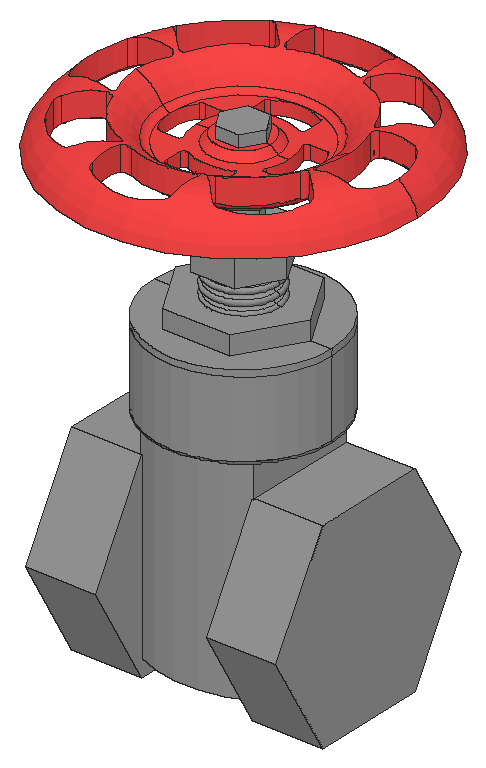
Revit family "707630001_Valvula Compuerta 1-2P", category Pipe Accessories, Revit 2020
Family settings
  Round Connector Dimension = Use Diameter
  Part Type = Valve - Normal
  OmniClass Number = 23.27.31.13.11
  OmniClass Title = Gate Balancing Valves
  Work Plane-Based = No
  Always vertical = Yes
  Cut with Voids When Loaded = No
  Shared = No
Parameters (values of type "Válvula Compuerta 1/2"")
  Válvula Compuerta 3/4" = no
  Válvula Compuerta 1/2" = yes
  Válvula Compuerta 1" = no
  Vida útil = " 5,000 ciclos."  # constant formula
  URL = "https://www.grival.com/soluciones-para-agua/valvulas-de-control/valvulas-de-compuerta/valvula-compuerta-1p/"
  Torque máximo de operación de la manĳa = "125 psi/ Máx 17 N.m: 1 N.m"  # constant formula
  Temperatura de uso = "82ºC - 179,6ºF"  # constant formula
  Rosca de tubería = "Galga de 1/2” 14 NPT GF30866"
  Referencia = "707630001"
  Recubrimientos = "Natural"  # constant formula
  Prueba de seguridad de la manĳa = "Mínimo 5 N.m: 7 N.m"
  Presion minima = "20 psi."  # constant formula
  Presion maxima = "290 psi."  # constant formula
  Peso neto = "185 gr. - 0,40 lb."
  Peso  Bruto = "191 gr. - 0,42 lb."
  Model = "Válvula Compuerta 1/2\""
  Manufacturer = "Grival"  # constant formula
  Longitud = 38.00 mm
  Funcionalidad a presion de trabajo = "225 psi"  # constant formula
  Fecha de creación = "16/03/2021"  # constant formula
  Diámetro = 12.70 mm
  Diametro 2 = 53.00 mm
  Description = "Manĳa que facilita su operación.-Nuevo diseño robusto y resistente.-Válvula para trabajo pesado (145 psi).-Diseñadas y fabricadas para garantizar una larga vida útil."  # constant formula
  Default Elevation = 0.00 mm
  Cuidado Y Limpieza = "Limpiar con un paño húmedo.-No se debe limpiar con elementos abrasivos como esponjas de alambre, ácidos o disolventes."  # constant formula
  Creado por = "BIMBAU"  # constant formula
  Alto = 61.50 mm
Reference planes
  plane 1 "Center (Front/Back)": y = 0
  plane 2: z = 0
  plane 3 "Center (Left/Right)": x = 0
  plane 4: x = -26.5
  plane 5: x = 26.5
  plane 6: z = 61.5
  plane 7: x = -19
  plane 8: x = 19
Forms (mm)
  Extrusion 1, solid, not visible
    sketch origin (0, 0, 0) x (0, 1, 0) y (0, 0, 1)
      loop
        line (30.4, 0) -> (15.2, 26.327) -> (-15.2, 26.327) -> (-30.4, 0) -> (-15.2, -26.327) -> (15.2, -26.327) -> (30.4, 0)
    from -19 to 19
Dimensions and locks
  equal spacing: plane 4, plane 3 "Center (Left/Right)", plane 5
  "Diametro 2": plane 4 to plane 5
  equal spacing: plane 7, plane 3 "Center (Left/Right)", plane 8
  "Longitud": plane 7 to plane 8
  "Alto": plane 6 to level
  aligned and locked: level to plane 2
  aligned and locked: plane 7 to Extrusion 1
  aligned and locked: Extrusion 1 to plane 8
Automatic sketch dimensions
  Extrusion 1 sketch curve to level = 0.00 mm  (x2)
  Extrusion 1 sketch curve to plane 1 "Center (Front/Back)" = 30.40 mm
  Extrusion 1 sketch curve to plane 1 "Center (Front/Back)" = 15.20 mm  (x2)
  Extrusion 1 sketch curve to level = 26.327 mm
  plane 1 "Center (Front/Back)" to Extrusion 1 sketch curve = 15.20 mm  (x2)
  Extrusion 1 sketch curve to Extrusion 1 sketch curve = 15.20 mm
  level to Extrusion 1 sketch curve = 26.327 mm
Nested families
  nested 1: "707650001 _Valvula Compuerta 1P" at (0, 0, 0), visible <- "Válvula Compuerta 1"", type "Válvula Compuerta 1""
  nested 2: "707640001_Valvula Compuerta 3-4P" at (0, 0, 0), visible <- "Válvula Compuerta 3/4"", type "Válvula Compuerta 3/4""
  nested 3: "707630001_Valvula Compuerta 1-2P" at (0, 0, 0), visible <- "Válvula Compuerta 1/2"", type "Válvula Compuerta 1/2""
Connectors
  piping at (22.5, 0, 0), diameter 12.7, driven by "Diámetro"
    settings: on nested 1, index 1, connector inside diameter 609.6 mm, connector length 0.00 mm, flow factor 0, pipe flow 0.0 L/s, pressure drop 0.0 Pa, fitting loss kfactor 0, connector angle 0.00°, fixture units 0, engagement length 0.00 mm, angle of deflection 0.00°, flow configuration 0, flow direction 0, fitting loss method 0, system type 20, joint type 0, gender type 0, connector reference index -1, connector utility 0, adjustable connector no, is connector primary yes, connector description ""
  piping at (-22.5, 0, 0), diameter 12.7, driven by "Diámetro"
    settings: on nested 1, index 2, connector inside diameter 609.6 mm, connector length 0.00 mm, flow factor 0, pipe flow 0.0 L/s, pressure drop 0.0 Pa, fitting loss kfactor 0, connector angle 0.00°, fixture units 0, engagement length 0.00 mm, angle of deflection 0.00°, flow configuration 0, flow direction 0, fitting loss method 0, system type 20, joint type 0, gender type 0, connector reference index -1, connector utility 0, adjustable connector no, is connector primary no, connector description ""
Definition of nested family "707650001 _Valvula Compuerta 1P"
  Parameters (values of type "Válvula Compuerta 1"")
    Material 2 = none
    Material = none
    Longitud = 45.00 mm
    Diametro 2 = 57.50 mm
    Default Elevation = 0.00 mm
    Alto = 75.70 mm
  Reference planes
    plane 1 "Center (Front/Back)": y = 0
    plane 2: z = 0
    plane 3 "Center (Left/Right)": x = 0
    plane 4: z = 75.7
    plane 5: x = -8.5
    plane 6: x = 8.5
    plane 7: x = 28.75
    plane 8: x = -28.75
    plane 9: x = -22.5
    plane 10: x = 22.5
  Forms (mm)
    Extrusion 1, void
      sketch origin (0, 0, 0) x (1, 0, 0) y (0, 1, 0)
        loop
          arc (-4.25, 7.585) -> (-4.017, 7.162) -> (-3.534, 7.134) r 0.5
          arc (-3.534, 7.134) -> (0, 7.935) -> (3.534, 7.134) r 8.2
          arc (3.534, 7.134) -> (4.017, 7.162) -> (4.25, 7.585) r 0.5
          line (4.25, 7.585) -> (4.25, 10.158)
          arc (4.25, 10.158) -> (4.146, 10.552) -> (3.862, 10.844) r 0.8
          arc (3.862, 10.844) -> (0, 11.915) -> (-3.862, 10.844) r 7.5
          arc (-3.862, 10.844) -> (-4.146, 10.552) -> (-4.25, 10.158) r 0.8
          line (-4.25, 10.158) -> (-4.25, 7.585)
        loop
          line (-4.25, -7.585) -> (-4.25, -10.158)
          arc (-4.25, -10.158) -> (-4.146, -10.552) -> (-3.862, -10.844) r 0.8
          arc (-3.862, -10.844) -> (0, -11.915) -> (3.862, -10.844) r 7.5
          arc (3.862, -10.844) -> (4.146, -10.552) -> (4.25, -10.158) r 0.8
          line (4.25, -10.158) -> (4.25, -7.585)
          arc (4.25, -7.585) -> (4.017, -7.162) -> (3.534, -7.134) r 0.5
          arc (3.534, -7.134) -> (0, -7.935) -> (-3.534, -7.134) r 8.2
          arc (-3.534, -7.134) -> (-4.017, -7.162) -> (-4.25, -7.585) r 0.5
        loop
          line (7.585, -4.25) -> (10.158, -4.25)
          arc (10.158, -4.25) -> (10.552, -4.146) -> (10.844, -3.862) r 0.8
          arc (10.844, -3.862) -> (11.915, 0) -> (10.844, 3.862) r 7.5
          arc (10.844, 3.862) -> (10.552, 4.146) -> (10.158, 4.25) r 0.8
          line (10.158, 4.25) -> (7.585, 4.25)
          arc (7.585, 4.25) -> (7.162, 4.017) -> (7.134, 3.534) r 0.5
          arc (7.134, 3.534) -> (7.935, 0) -> (7.134, -3.534) r 8.2
          arc (7.134, -3.534) -> (7.162, -4.017) -> (7.585, -4.25) r 0.5
        loop
          arc (-7.585, -4.25) -> (-7.162, -4.017) -> (-7.134, -3.534) r 0.5
          arc (-7.134, -3.534) -> (-7.935, 0) -> (-7.134, 3.534) r 8.2
          arc (-7.134, 3.534) -> (-7.162, 4.017) -> (-7.585, 4.25) r 0.5
          line (-7.585, 4.25) -> (-10.158, 4.25)
          arc (-10.158, 4.25) -> (-10.552, 4.146) -> (-10.844, 3.862) r 0.8
          arc (-10.844, 3.862) -> (-11.915, 0) -> (-10.844, -3.862) r 7.5
          arc (-10.844, -3.862) -> (-10.552, -4.146) -> (-10.158, -4.25) r 0.8
          line (-10.158, -4.25) -> (-7.585, -4.25)
      from 60.163 to 94.816
    Revolve 2, solid, material <- "Material"
      sketch origin (0, 0, 0) x (1, 0, 0) y (0, 0, 1)
        loop
          line (0, 65.7) -> (-5.25, 65.7) -> (-5.25, 57.7) -> (0, 57.7) -> (0, 65.7)
        axis (0, 65.7) -> (0, 57.7)
      angle from 0 to 360
    Extrusion 3, solid, material <- "Material"
      sketch origin (0, 0, 0) x (1, 0, 0) y (0, 1, 0)
        loop
          line (10.5, 0) -> (5.25, 9.093) -> (-5.25, 9.093) -> (-10.5, 0) -> (-5.25, -9.093) -> (5.25, -9.093) -> (10.5, 0)
      from 53.122 to 57.7
    Extrusion 4, solid, material <- "Material"
      sketch origin (0, 0, 0) x (1, 0, 0) y (0, 1, 0)
        loop
          line (3.5, 0) -> (1.75, 3.031) -> (-1.75, 3.031) -> (-3.5, 0) -> (-1.75, -3.031) -> (1.75, -3.031) -> (3.5, 0)
      from 71.771 to 73.812
    Revolve 5, solid, material <- "Material"
      sketch origin (0, 0, 4) x (1, 0, 0) y (0, 0, 1)
        loop
          line (0, 38.272) -> (0, 40.522) -> (-20.25, 40.522) -> (-20.25, 38.272) -> (0, 38.272)
        axis (0, 38.272) -> (0, 40.522)
      angle from 0 to 360
    Extrusion 6, solid, material <- "Material"
      sketch origin (0, 0, 0) x (1, 0, 0) y (0, 1, 0)
        loop
          arc (-14, -14.235) -> (0, -17.643) -> (14, -14.235) r 30.459
          line (14, -14.235) -> (14, 14.235)
          arc (14, 14.235) -> (0, 17.643) -> (-14, 14.235) r 30.459
          line (-14, 14.235) -> (-14, -14.235)
      from -21.666 to 29.118
    Extrusion 7, solid, material <- "Material"
      sketch origin (0, 0, 33.882) x (1, 0, 0) y (0, 1, 0)
        loop
          line (17, 0) -> (8.5, 14.722) -> (-8.5, 14.722) -> (-17, 0) -> (-8.5, -14.722) -> (8.5, -14.722) -> (17, 0)
      from 10.64 to 13.64
    Extrusion 8, solid, material <- "Material"
      sketch origin (-2.141, 0, 0) x (0, 1, 0) y (0, 0, -1)
        loop
          line (-30.4, 0) -> (-15.2, -26.327) -> (15.2, -26.327) -> (30.4, 0) -> (15.2, 26.327) -> (-15.2, 26.327) -> (-30.4, 0)
      from 8.359 to 20.359
    Extrusion 9, solid, material <- "Material"
      sketch origin (2.141, 0, 0) x (0, 1, 0) y (0, 0, 1)
        loop
          line (-30.4, 0) -> (-15.2, -26.327) -> (15.2, -26.327) -> (30.4, 0) -> (15.2, 26.327) -> (-15.2, 26.327) -> (-30.4, 0)
      from 8.359 to 20.359
    Revolve 10, solid, material <- "Material"
      sketch origin (0, 0, 8.744) x (1, 0, 0) y (0, 0, 1)
        loop
          line (0, 20.374) -> (0, 33.528) -> (-20.25, 33.528) -> (-20.25, 20.874)
          arc (-20.25, 20.874) -> (-20.104, 20.52) -> (-19.75, 20.374) r 0.5
          line (-19.75, 20.374) -> (0, 20.374)
        axis (0, 20.374) -> (0, 33.528)
      angle from 0 to 360
    Revolve 11, solid, material <- "Material 2"
      sketch origin (0, 0, 0) x (1, 0, 0) y (0, 0, 1)
        loop
          arc (-26.221, 69.367) -> (-20.523, 71.659) -> (-14.977, 69.022) r 7.648
          arc (-14.977, 69.022) -> (-14.308, 68.521) -> (-13.491, 68.343) r 1.967
          line (-13.491, 68.343) -> (-7.392, 68.343) -> (-6.4, 67.351) -> (-6.4, 64.775) -> (0, 64.775) -> (0, 71.771) -> (-4.595, 71.771) -> (-5.754, 70.612) -> (-12.233, 70.612)
          arc (-12.233, 70.612) -> (-12.903, 70.797) -> (-13.385, 71.297) r 1.311
          arc (-13.385, 71.297) -> (-21.726, 75.576) -> (-28.75, 69.367) r 8.314
          line (-28.75, 69.367) -> (-26.221, 69.367)
        axis (0, 71.771) -> (0, 64.775)
      angle from 0 to 360
    Revolve 12, solid, material <- "Material"
      sketch origin (0, 0, 3.581) x (1, 0, 0) y (0, 0, 1)
        loop
          line (0, 49.541) -> (-8.75, 49.541)
          arc (-8.75, 49.541) -> (-8.35, 49.141) -> (-8.75, 48.741) r 0.4
          arc (-8.75, 48.741) -> (-9.15, 48.341) -> (-8.75, 47.941) r 0.4
          arc (-8.75, 47.941) -> (-8.35, 47.541) -> (-8.75, 47.141) r 0.4
          arc (-8.75, 47.141) -> (-9.15, 46.741) -> (-8.75, 46.341) r 0.4
          arc (-8.75, 46.341) -> (-8.35, 45.941) -> (-8.75, 45.541) r 0.4
          arc (-8.75, 45.541) -> (-9.15, 45.141) -> (-8.75, 44.741) r 0.4
          arc (-8.75, 44.741) -> (-8.35, 44.341) -> (-8.75, 43.941) r 0.4
          line (-8.75, 43.941) -> (0, 43.941) -> (0, 49.541)
        axis (0, 49.541) -> (0, 43.941)
      angle from 0 to 360
    Extrusion 13, void
      sketch origin (0, 0, 0) x (1, 0, 0) y (0, 1, 0)
        loop
          arc (-6.099, 17.928) -> (-5.764, 17.321) -> (-5.072, 17.28) r 0.718
          arc (-5.072, 17.28) -> (0, 18.43) -> (5.072, 17.28) r 11.767
          arc (5.072, 17.28) -> (5.764, 17.321) -> (6.099, 17.928) r 0.718
          line (6.099, 17.928) -> (6.099, 23.267)
          arc (6.099, 23.267) -> (5.95, 23.833) -> (5.542, 24.252) r 1.148
          arc (5.542, 24.252) -> (0, 25.788) -> (-5.542, 24.252) r 10.763
          arc (-5.542, 24.252) -> (-5.95, 23.833) -> (-6.099, 23.267) r 1.148
          line (-6.099, 23.267) -> (-6.099, 17.928)
        loop
          line (-6.099, -17.928) -> (-6.099, -23.267)
          arc (-6.099, -23.267) -> (-5.95, -23.833) -> (-5.542, -24.252) r 1.148
          arc (-5.542, -24.252) -> (0, -25.788) -> (5.542, -24.252) r 10.763
          arc (5.542, -24.252) -> (5.95, -23.833) -> (6.099, -23.267) r 1.148
          line (6.099, -23.267) -> (6.099, -17.928)
          arc (6.099, -17.928) -> (5.764, -17.321) -> (5.072, -17.28) r 0.718
          arc (5.072, -17.28) -> (0, -18.43) -> (-5.072, -17.28) r 11.767
          arc (-5.072, -17.28) -> (-5.764, -17.321) -> (-6.099, -17.928) r 0.718
        loop
          arc (17.928, 6.099) -> (17.321, 5.764) -> (17.28, 5.072) r 0.718
          arc (17.28, 5.072) -> (18.43, 0) -> (17.28, -5.072) r 11.767
          arc (17.28, -5.072) -> (17.321, -5.764) -> (17.928, -6.099) r 0.718
          line (17.928, -6.099) -> (23.267, -6.099)
          arc (23.267, -6.099) -> (23.833, -5.95) -> (24.252, -5.542) r 1.148
          arc (24.252, -5.542) -> (25.788, 0) -> (24.252, 5.542) r 10.763
          arc (24.252, 5.542) -> (23.833, 5.95) -> (23.267, 6.099) r 1.148
          line (23.267, 6.099) -> (17.928, 6.099)
        loop
          line (-17.928, 6.099) -> (-23.267, 6.099)
          arc (-23.267, 6.099) -> (-23.833, 5.95) -> (-24.252, 5.542) r 1.148
          arc (-24.252, 5.542) -> (-25.788, 0) -> (-24.252, -5.542) r 10.763
          arc (-24.252, -5.542) -> (-23.833, -5.95) -> (-23.267, -6.099) r 1.148
          line (-23.267, -6.099) -> (-17.928, -6.099)
          arc (-17.928, -6.099) -> (-17.321, -5.764) -> (-17.28, -5.072) r 0.718
          arc (-17.28, -5.072) -> (-18.43, 0) -> (-17.28, 5.072) r 11.767
          arc (-17.28, 5.072) -> (-17.321, 5.764) -> (-17.928, 6.099) r 0.718
        loop
          arc (8.364, 16.989) -> (8.172, 16.323) -> (8.632, 15.806) r 0.718
          arc (8.632, 15.806) -> (13.032, 13.032) -> (15.806, 8.632) r 11.767
          arc (15.806, 8.632) -> (16.323, 8.172) -> (16.989, 8.364) r 0.718
          line (16.989, 8.364) -> (20.765, 12.14)
          arc (20.765, 12.14) -> (21.06, 12.645) -> (21.067, 13.23) r 1.148
          arc (21.067, 13.23) -> (18.235, 18.235) -> (13.23, 21.067) r 10.763
          arc (13.23, 21.067) -> (12.645, 21.06) -> (12.14, 20.765) r 1.148
          line (12.14, 20.765) -> (8.364, 16.989)
        loop
          line (-16.989, -8.364) -> (-20.765, -12.14)
          arc (-20.765, -12.14) -> (-21.06, -12.645) -> (-21.067, -13.23) r 1.148
          arc (-21.067, -13.23) -> (-18.235, -18.235) -> (-13.23, -21.067) r 10.763
          arc (-13.23, -21.067) -> (-12.645, -21.06) -> (-12.14, -20.765) r 1.148
          line (-12.14, -20.765) -> (-8.364, -16.989)
          arc (-8.364, -16.989) -> (-8.172, -16.323) -> (-8.632, -15.806) r 0.718
          arc (-8.632, -15.806) -> (-13.032, -13.032) -> (-15.806, -8.632) r 11.767
          arc (-15.806, -8.632) -> (-16.323, -8.172) -> (-16.989, -8.364) r 0.718
        loop
          arc (16.989, -8.364) -> (16.323, -8.172) -> (15.806, -8.632) r 0.718
          arc (15.806, -8.632) -> (13.032, -13.032) -> (8.632, -15.806) r 11.767
          arc (8.632, -15.806) -> (8.172, -16.323) -> (8.364, -16.989) r 0.718
          line (8.364, -16.989) -> (12.14, -20.765)
          arc (12.14, -20.765) -> (12.645, -21.06) -> (13.23, -21.067) r 1.148
          arc (13.23, -21.067) -> (18.235, -18.235) -> (21.067, -13.23) r 10.763
          arc (21.067, -13.23) -> (21.06, -12.645) -> (20.765, -12.14) r 1.148
          line (20.765, -12.14) -> (16.989, -8.364)
        loop
          line (-8.364, 16.989) -> (-12.14, 20.765)
          arc (-12.14, 20.765) -> (-12.645, 21.06) -> (-13.23, 21.067) r 1.148
          arc (-13.23, 21.067) -> (-18.235, 18.235) -> (-21.067, 13.23) r 10.763
          arc (-21.067, 13.23) -> (-21.06, 12.645) -> (-20.765, 12.14) r 1.148
          line (-20.765, 12.14) -> (-16.989, 8.364)
          arc (-16.989, 8.364) -> (-16.323, 8.172) -> (-15.806, 8.632) r 0.718
          arc (-15.806, 8.632) -> (-13.032, 13.032) -> (-8.632, 15.806) r 11.767
          arc (-8.632, 15.806) -> (-8.172, 16.323) -> (-8.364, 16.989) r 0.718
      from 0 to 250
  Cuts and joins
    Extrusion 1, Extrusion 13 cuts Revolve 11
  Dimensions and locks
    "Alto": plane 4 to level
    "Diametro 2": plane 8 to plane 7
    equal spacing: plane 8, plane 3 "Center (Left/Right)", plane 7
    equal spacing: plane 10, plane 3 "Center (Left/Right)", plane 9
    "Longitud": plane 10 to plane 9
    aligned and locked: level to plane 2
  Automatic sketch dimensions
    plane 1 "Center (Front/Back)" to Extrusion 1 sketch curve = 0.00 mm  (x4)
    Extrusion 1 sketch curve to plane 3 "Center (Left/Right)" = 0.00 mm  (x4)
    Extrusion 1 sketch curve to plane 3 "Center (Left/Right)" = 0.265 mm
    Extrusion 1 sketch curve to plane 3 "Center (Left/Right)" = 3.45 mm  (x2)
    Extrusion 1 sketch curve to Extrusion 1 sketch curve = 0.30 mm  (x8)
    Extrusion 1 sketch curve to Extrusion 1 sketch curve = 0.50 mm  (x4)
    Extrusion 1 sketch curve to Extrusion 1 sketch curve = 0.80 mm  (x4)
    plane 5 to Extrusion 1 sketch curve = 4.085 mm
    plane 5 to Extrusion 1 sketch curve = 0.915 mm  (x2)
    Extrusion 1 sketch curve to plane 5 = 1.658 mm  (x2)
    plane 3 "Center (Left/Right)" to Extrusion 1 sketch curve = 0.265 mm
    plane 3 "Center (Left/Right)" to Extrusion 1 sketch curve = 3.45 mm  (x2)
    plane 6 to Extrusion 1 sketch curve = 4.085 mm
    plane 6 to Extrusion 1 sketch curve = 0.915 mm  (x2)
    Extrusion 1 sketch curve to plane 6 = 1.658 mm  (x2)
    plane 1 "Center (Front/Back)" to Extrusion 1 sketch curve = 0.265 mm
    plane 1 "Center (Front/Back)" to Extrusion 1 sketch curve = 3.45 mm  (x2)
    Extrusion 1 sketch curve to Extrusion 1 sketch curve = 4.149 mm  (x2)
    Extrusion 1 sketch curve to Extrusion 1 sketch curve = 3.17 mm  (x3)
    Extrusion 1 sketch curve to Extrusion 1 sketch curve = 3.335 mm
    Extrusion 1 sketch curve to Extrusion 1 sketch curve = 2.573 mm  (x4)
    Extrusion 1 sketch curve to plane 1 "Center (Front/Back)" = 0.265 mm
    Extrusion 1 sketch curve to plane 1 "Center (Front/Back)" = 3.45 mm  (x2)
    Extrusion 1 sketch curve to Extrusion 1 sketch curve = 0.00 mm  (x8)
    Revolve 2 sketch curve to plane 3 "Center (Left/Right)" = 0.00 mm  (x2)
    Revolve 2 sketch curve to Revolve 2 sketch curve = 5.25 mm
    Revolve 2 sketch curve to plane 4 = 18.00 mm
    Revolve 2 sketch curve to Revolve 2 sketch curve = 8.00 mm
    Revolve 2 sketch curve to Revolve 2 sketch curve = 3.50 mm
    Revolve 2 sketch curve to Revolve 2 sketch curve = 0.00 mm
    Revolve 5 sketch curve to plane 3 "Center (Left/Right)" = 0.00 mm  (x2)
    plane 9 to Revolve 5 sketch curve = 2.25 mm
    Revolve 5 sketch curve to plane 4 = 33.428 mm
    Revolve 5 sketch curve to Revolve 5 sketch curve = 2.25 mm
    Revolve 5 sketch curve to Revolve 5 sketch curve = 0.85 mm
    Revolve 5 sketch curve to Revolve 5 sketch curve = 0.40 mm
    Extrusion 6 sketch curve to plane 3 "Center (Left/Right)" = 0.00 mm  (x2)
    Extrusion 6 sketch curve to plane 5 = 5.50 mm
    Extrusion 6 sketch curve to plane 6 = 5.50 mm
    plane 1 "Center (Front/Back)" to Extrusion 6 sketch curve = 14.235 mm
    plane 1 "Center (Front/Back)" to Extrusion 6 sketch curve = 12.816 mm
    Extrusion 6 sketch curve to plane 1 "Center (Front/Back)" = 12.816 mm
    Extrusion 6 sketch curve to Extrusion 6 sketch curve = 1.419 mm
    Extrusion 8 sketch curve to level = 0.00 mm  (x2)
    plane 1 "Center (Front/Back)" to Extrusion 8 sketch curve = 30.40 mm
    plane 1 "Center (Front/Back)" to Extrusion 8 sketch curve = 15.20 mm  (x2)
    Extrusion 8 sketch curve to plane 1 "Center (Front/Back)" = 15.20 mm  (x2)
    Extrusion 8 sketch curve to Extrusion 8 sketch curve = 15.20 mm
    level to Extrusion 8 sketch curve = 26.327 mm
    Extrusion 8 sketch curve to level = 26.327 mm
    Extrusion 9 sketch curve to level = 0.00 mm  (x2)
    plane 1 "Center (Front/Back)" to Extrusion 9 sketch curve = 30.40 mm
    plane 1 "Center (Front/Back)" to Extrusion 9 sketch curve = 15.20 mm  (x2)
    Extrusion 9 sketch curve to plane 1 "Center (Front/Back)" = 15.20 mm  (x2)
    Extrusion 9 sketch curve to Extrusion 9 sketch curve = 15.20 mm
    Extrusion 9 sketch curve to level = 26.327 mm
    level to Extrusion 9 sketch curve = 26.327 mm
    Revolve 10 sketch curve to plane 3 "Center (Left/Right)" = 0.00 mm  (x2)
    plane 9 to Revolve 10 sketch curve = 2.75 mm
    plane 9 to Revolve 10 sketch curve = 2.25 mm
    level to Revolve 10 sketch curve = 29.118 mm
    Revolve 10 sketch curve to Revolve 10 sketch curve = 12.654 mm
    Revolve 10 sketch curve to Revolve 10 sketch curve = 0.02 mm
    Revolve 10 sketch curve to Revolve 10 sketch curve = 5.158 mm
    plane 8 to Revolve 11 sketch curve = 0.00 mm
    Revolve 11 sketch curve to plane 3 "Center (Left/Right)" = 0.00 mm  (x2)
    Revolve 11 sketch curve to plane 8 = 2.529 mm
    plane 9 to Revolve 11 sketch curve = 1.742 mm
    plane 9 to Revolve 11 sketch curve = 1.81 mm
    Revolve 11 sketch curve to plane 5 = 4.991 mm
    Revolve 11 sketch curve to Revolve 11 sketch curve = 1.258 mm
    plane 5 to Revolve 11 sketch curve = 1.108 mm
    plane 5 to Revolve 11 sketch curve = 2.746 mm
    plane 5 to Revolve 11 sketch curve = 2.10 mm
    Revolve 11 sketch curve to Revolve 11 sketch curve = 1.159 mm
    Revolve 11 sketch curve to plane 4 = 11.685 mm
    Revolve 11 sketch curve to plane 4 = 10.925 mm
    Revolve 11 sketch curve to Revolve 11 sketch curve = 2.576 mm
    Revolve 11 sketch curve to Revolve 11 sketch curve = 3.312 mm
    Revolve 11 sketch curve to Revolve 11 sketch curve = 1.016 mm
    Revolve 11 sketch curve to plane 4 = 6.333 mm
    Revolve 11 sketch curve to Revolve 11 sketch curve = 1.967 mm
    Revolve 11 sketch curve to Revolve 11 sketch curve = 2.269 mm
    Revolve 11 sketch curve to plane 4 = 3.929 mm
    Revolve 11 sketch curve to Revolve 11 sketch curve = 1.311 mm
    Revolve 11 sketch curve to Revolve 11 sketch curve = 0.00 mm  (x2)
    plane 1 "Center (Front/Back)" to Extrusion 13 sketch curve = 0.00 mm  (x4)
    Extrusion 13 sketch curve to plane 3 "Center (Left/Right)" = 0.00 mm  (x4)
    plane 5 to Extrusion 13 sketch curve = 3.789 mm  (x2)
    plane 5 to Extrusion 13 sketch curve = 3.549 mm  (x2)
    plane 5 to Extrusion 13 sketch curve = 3.119 mm  (x2)
    Extrusion 13 sketch curve to Extrusion 13 sketch curve = 1.148 mm  (x3)
    Extrusion 13 sketch curve to Extrusion 13 sketch curve = 0.718 mm  (x5)
    plane 5 to Extrusion 13 sketch curve = 1.838 mm
    plane 5 to Extrusion 13 sketch curve = 0.136 mm  (x2)
    Extrusion 13 sketch curve to plane 5 = 0.372 mm  (x2)
    Extrusion 13 sketch curve to plane 5 = 2.125 mm  (x2)
    Extrusion 13 sketch curve to plane 5 = 3.64 mm  (x2)
    Extrusion 13 sketch curve to Extrusion 13 sketch curve = 0.812 mm  (x16)
    Extrusion 13 sketch curve to plane 5 = 6.525 mm
    plane 9 to Extrusion 13 sketch curve = 6.018 mm  (x2)
    Extrusion 13 sketch curve to Extrusion 13 sketch curve = 0.507 mm  (x12)
    Extrusion 13 sketch curve to Extrusion 13 sketch curve = 0.938 mm  (x8)
    plane 9 to Extrusion 13 sketch curve = 2.547 mm  (x2)
    Extrusion 13 sketch curve to plane 9 = 0.767 mm  (x2)
    plane 6 to Extrusion 13 sketch curve = 3.789 mm  (x2)
    plane 6 to Extrusion 13 sketch curve = 3.549 mm  (x2)
    plane 6 to Extrusion 13 sketch curve = 3.119 mm  (x2)
    plane 6 to Extrusion 13 sketch curve = 1.838 mm
    plane 6 to Extrusion 13 sketch curve = 0.136 mm  (x2)
    Extrusion 13 sketch curve to plane 6 = 0.372 mm  (x2)
    Extrusion 13 sketch curve to plane 6 = 2.125 mm  (x2)
    Extrusion 13 sketch curve to plane 6 = 3.64 mm  (x2)
    Extrusion 13 sketch curve to plane 6 = 6.525 mm
    Extrusion 13 sketch curve to plane 10 = 6.018 mm  (x2)
    Extrusion 13 sketch curve to plane 10 = 2.547 mm  (x2)
    plane 10 to Extrusion 13 sketch curve = 0.767 mm  (x2)
    plane 1 "Center (Front/Back)" to Extrusion 13 sketch curve = 4.711 mm  (x2)
    plane 1 "Center (Front/Back)" to Extrusion 13 sketch curve = 4.951 mm  (x2)
    Extrusion 13 sketch curve to Extrusion 13 sketch curve = 0.431 mm  (x4)
    Extrusion 13 sketch curve to Extrusion 13 sketch curve = 1.951 mm  (x2)
    Extrusion 13 sketch curve to Extrusion 13 sketch curve = 2.265 mm  (x4)
    Extrusion 13 sketch curve to Extrusion 13 sketch curve = 1.992 mm  (x4)
    Extrusion 13 sketch curve to Extrusion 13 sketch curve = 3.776 mm  (x4)
    Extrusion 13 sketch curve to Extrusion 13 sketch curve = 8.363 mm  (x2)
    Extrusion 13 sketch curve to Extrusion 13 sketch curve = 5.857 mm  (x4)
    Extrusion 13 sketch curve to Extrusion 13 sketch curve = 3.471 mm  (x4)
    Extrusion 13 sketch curve to Extrusion 13 sketch curve = 5.34 mm  (x4)
    Extrusion 13 sketch curve to plane 1 "Center (Front/Back)" = 4.711 mm  (x2)
    Extrusion 13 sketch curve to plane 1 "Center (Front/Back)" = 4.951 mm  (x2)
    Extrusion 13 sketch curve to Extrusion 13 sketch curve = 0.00 mm  (x16)
    plane 1 "Center (Front/Back)" to Extrusion 7 sketch curve = 0.00 mm  (x2)
    Extrusion 7 sketch curve to plane 5 = 0.00 mm  (x2)
    Extrusion 7 sketch curve to plane 6 = 0.00 mm  (x2)
    plane 9 to Extrusion 7 sketch curve = 5.50 mm
    Extrusion 7 sketch curve to plane 10 = 5.50 mm
    plane 1 "Center (Front/Back)" to Extrusion 7 sketch curve = 14.722 mm
    Extrusion 7 sketch curve to plane 1 "Center (Front/Back)" = 14.722 mm
    Revolve 12 sketch curve to plane 3 "Center (Left/Right)" = 0.00 mm  (x2)
    Revolve 12 sketch curve to plane 5 = 0.25 mm
    Revolve 12 sketch curve to plane 4 = 28.178 mm
    Revolve 12 sketch curve to Revolve 12 sketch curve = 0.40 mm
    Revolve 12 sketch curve to Revolve 12 sketch curve = 0.80 mm  (x6)
    Revolve 12 sketch curve to Revolve 12 sketch curve = 5.60 mm
    Revolve 12 sketch curve to Revolve 12 sketch curve = 0.00 mm  (x8)
    Revolve 12 sketch curve to Revolve 12 sketch curve = 1.262 mm
    plane 1 "Center (Front/Back)" to Extrusion 3 sketch curve = 0.00 mm  (x2)
    Extrusion 3 sketch curve to plane 5 = 2.00 mm
    plane 5 to Extrusion 3 sketch curve = 3.25 mm  (x2)
    plane 6 to Extrusion 3 sketch curve = 3.25 mm  (x2)
    Extrusion 3 sketch curve to plane 6 = 2.00 mm
    plane 1 "Center (Front/Back)" to Extrusion 3 sketch curve = 9.093 mm
    Extrusion 3 sketch curve to plane 1 "Center (Front/Back)" = 9.093 mm
Definition of nested family "707640001_Valvula Compuerta 3-4P"
  Parameters (values of type "Válvula Compuerta 3/4"")
    Material 2 = none
    Material = none
    Longitud = 41.00 mm
    Diametro 2 = 53.00 mm
    Default Elevation = 0.00 mm
    Alto = 69.00 mm
  Reference planes
    plane 1 "Center (Front/Back)": y = 0
    plane 2: z = 0
    plane 3 "Center (Left/Right)": x = 0
    plane 4: z = 69
    plane 5: x = -8.5
    plane 6: x = 8.5
    plane 7: x = 26.5
    plane 8: x = -26.5
    plane 9: x = -20.5
    plane 10: x = 20.5
  Forms (mm)
    Extrusion 1, void
      sketch origin (0, 0, 0) x (1, 0, 0) y (0, 1, 0)
        loop
          arc (-4.25, 6.647) -> (-4.017, 6.224) -> (-3.534, 6.196) r 0.5
          arc (-3.534, 6.196) -> (0, 6.997) -> (3.534, 6.196) r 8.2
          arc (3.534, 6.196) -> (4.017, 6.224) -> (4.25, 6.647) r 0.5
          line (4.25, 6.647) -> (4.25, 9.22)
          arc (4.25, 9.22) -> (4.146, 9.614) -> (3.862, 9.906) r 0.8
          arc (3.862, 9.906) -> (0, 10.977) -> (-3.862, 9.906) r 7.5
          arc (-3.862, 9.906) -> (-4.146, 9.614) -> (-4.25, 9.22) r 0.8
          line (-4.25, 9.22) -> (-4.25, 6.647)
        loop
          line (-4.25, -6.647) -> (-4.25, -9.22)
          arc (-4.25, -9.22) -> (-4.146, -9.614) -> (-3.862, -9.906) r 0.8
          arc (-3.862, -9.906) -> (0, -10.977) -> (3.862, -9.906) r 7.5
          arc (3.862, -9.906) -> (4.146, -9.614) -> (4.25, -9.22) r 0.8
          line (4.25, -9.22) -> (4.25, -6.647)
          arc (4.25, -6.647) -> (4.017, -6.224) -> (3.534, -6.196) r 0.5
          arc (3.534, -6.196) -> (0, -6.997) -> (-3.534, -6.196) r 8.2
          arc (-3.534, -6.196) -> (-4.017, -6.224) -> (-4.25, -6.647) r 0.5
        loop
          line (6.647, -4.25) -> (9.22, -4.25)
          arc (9.22, -4.25) -> (9.614, -4.146) -> (9.906, -3.862) r 0.8
          arc (9.906, -3.862) -> (10.977, 0) -> (9.906, 3.862) r 7.5
          arc (9.906, 3.862) -> (9.614, 4.146) -> (9.22, 4.25) r 0.8
          line (9.22, 4.25) -> (6.647, 4.25)
          arc (6.647, 4.25) -> (6.224, 4.017) -> (6.196, 3.534) r 0.5
          arc (6.196, 3.534) -> (6.997, 0) -> (6.196, -3.534) r 8.2
          arc (6.196, -3.534) -> (6.224, -4.017) -> (6.647, -4.25) r 0.5
        loop
          arc (-6.647, -4.25) -> (-6.224, -4.017) -> (-6.196, -3.534) r 0.5
          arc (-6.196, -3.534) -> (-6.997, 0) -> (-6.196, 3.534) r 8.2
          arc (-6.196, 3.534) -> (-6.224, 4.017) -> (-6.647, 4.25) r 0.5
          line (-6.647, 4.25) -> (-9.22, 4.25)
          arc (-9.22, 4.25) -> (-9.614, 4.146) -> (-9.906, 3.862) r 0.8
          arc (-9.906, 3.862) -> (-10.977, 0) -> (-9.906, -3.862) r 7.5
          arc (-9.906, -3.862) -> (-9.614, -4.146) -> (-9.22, -4.25) r 0.8
          line (-9.22, -4.25) -> (-6.647, -4.25)
      from 45.326 to 70.274
    Revolve 2, solid, material <- "Material"
      sketch origin (0, 0, 0) x (1, 0, 0) y (0, 0, 1)
        loop
          line (0, 59) -> (-4.406, 59) -> (-4.406, 51) -> (0, 51) -> (0, 59)
        axis (0, 59) -> (0, 51)
      angle from 0 to 360
    Revolve 3, solid, material <- "Material"
      sketch origin (0, 0, 2.5) x (1, 0, 0) y (0, 0, 1)
        loop
          line (0, 20.394) -> (0, 33.528) -> (-15.063, 33.528) -> (-15.063, 20.894)
          arc (-15.063, 20.894) -> (-14.916, 20.54) -> (-14.563, 20.394) r 0.5
          line (-14.563, 20.394) -> (0, 20.394)
        axis (0, 20.394) -> (0, 33.528)
      angle from 0 to 360
    Extrusion 4, solid, material <- "Material"
      sketch origin (0, 0, 0) x (1, 0, 0) y (0, 1, 0)
        loop
          line (8.383, 0) -> (4.192, 7.26) -> (-4.192, 7.26) -> (-8.383, 0) -> (-4.192, -7.26) -> (4.192, -7.26) -> (8.383, 0)
      from 46.478 to 51
    Extrusion 5, solid, material <- "Material"
      sketch origin (0, 0, 0) x (1, 0, 0) y (0, 1, 0)
        loop
          line (3.5, 0) -> (1.75, 3.031) -> (-1.75, 3.031) -> (-3.5, 0) -> (-1.75, -3.031) -> (1.75, -3.031) -> (3.5, 0)
      from 65.404 to 66.904
    Revolve 6, solid, material <- "Material"
      sketch origin (0, 0, 4) x (1, 0, 0) y (0, 0, 1)
        loop
          line (0, 32.028) -> (0, 33.878) -> (-15.062, 33.878) -> (-15.062, 32.028) -> (0, 32.028)
        axis (0, 32.028) -> (0, 33.878)
      angle from 0 to 360
    Extrusion 7, solid, material <- "Material"
      sketch origin (0, 0, 0) x (1, 0, 0) y (0, 1, 0)
        loop
          arc (-10.25, -10.422) -> (0, -12.917) -> (10.25, -10.422) r 22.3
          line (10.25, -10.422) -> (10.25, 10.422)
          arc (10.25, 10.422) -> (0, 12.917) -> (-10.25, 10.422) r 22.3
          line (-10.25, 10.422) -> (-10.25, -10.422)
      from -12.447 to 25
    Extrusion 8, solid, material <- "Material"
      sketch origin (-1.141, 0, 0) x (0, 1, 0) y (0, 0, -1)
        loop
          line (-24.05, 0) -> (-12.025, -20.828) -> (12.025, -20.828) -> (24.05, 0) -> (12.025, 20.828) -> (-12.025, 20.828) -> (-24.05, 0)
      from 8.359 to 19.359
    Extrusion 9, solid, material <- "Material"
      sketch origin (1.141, 0, 0) x (0, 1, 0) y (0, 0, 1)
        loop
          line (-24.05, 0) -> (-12.025, -20.828) -> (12.025, -20.828) -> (24.05, 0) -> (12.025, 20.828) -> (-12.025, 20.828) -> (-24.05, 0)
      from 8.359 to 19.359
    Revolve 10, solid, material <- "Material 2"
      sketch origin (0, 0, 0) x (1, 0, 0) y (0, 0, 1)
        loop
          line (0, 59) -> (0, 65.404) -> (-4.206, 65.404) -> (-5.266, 64.343) -> (-11.197, 64.343)
          arc (-11.197, 64.343) -> (-11.811, 64.512) -> (-12.252, 64.97) r 1.2
          arc (-12.252, 64.97) -> (-19.978, 68.941) -> (-26.5, 63.204) r 7.713
          line (-26.5, 63.204) -> (-24, 63.204)
          arc (-24, 63.204) -> (-18.785, 65.301) -> (-13.709, 62.888) r 7
          arc (-13.709, 62.888) -> (-13.096, 62.429) -> (-12.348, 62.266) r 1.8
          line (-12.348, 62.266) -> (-6.766, 62.266) -> (-5, 60.5) -> (-5, 59) -> (0, 59)
        axis (0, 65.404) -> (0, 59)
      angle from 0 to 360
    Extrusion 11, void
      sketch origin (0, 0, 0) x (1, 0, 0) y (0, 1, 0)
        loop
          arc (-6.099, 15.74) -> (-5.764, 15.133) -> (-5.072, 15.093) r 0.718
          arc (-5.072, 15.093) -> (0, 16.242) -> (5.072, 15.093) r 11.767
          arc (5.072, 15.093) -> (5.764, 15.133) -> (6.099, 15.74) r 0.718
          line (6.099, 15.74) -> (6.099, 21.08)
          arc (6.099, 21.08) -> (5.95, 21.645) -> (5.542, 22.064) r 1.148
          arc (5.542, 22.064) -> (0, 23.601) -> (-5.542, 22.064) r 10.763
          arc (-5.542, 22.064) -> (-5.95, 21.645) -> (-6.099, 21.08) r 1.148
          line (-6.099, 21.08) -> (-6.099, 15.74)
        loop
          arc (6.817, 15.443) -> (6.625, 14.777) -> (7.086, 14.259) r 0.718
          arc (7.086, 14.259) -> (11.485, 11.485) -> (14.259, 7.086) r 11.767
          arc (14.259, 7.086) -> (14.777, 6.625) -> (15.443, 6.817) r 0.718
          line (15.443, 6.817) -> (19.218, 10.593)
          arc (19.218, 10.593) -> (19.513, 11.098) -> (19.52, 11.683) r 1.148
          arc (19.52, 11.683) -> (16.688, 16.688) -> (11.683, 19.52) r 10.763
          arc (11.683, 19.52) -> (11.098, 19.513) -> (10.593, 19.218) r 1.148
          line (10.593, 19.218) -> (6.817, 15.443)
        loop
          arc (15.74, 6.099) -> (15.133, 5.764) -> (15.093, 5.072) r 0.718
          arc (15.093, 5.072) -> (16.242, 0) -> (15.093, -5.072) r 11.767
          arc (15.093, -5.072) -> (15.133, -5.764) -> (15.74, -6.099) r 0.718
          line (15.74, -6.099) -> (21.08, -6.099)
          arc (21.08, -6.099) -> (21.645, -5.95) -> (22.064, -5.542) r 1.148
          arc (22.064, -5.542) -> (23.601, 0) -> (22.064, 5.542) r 10.763
          arc (22.064, 5.542) -> (21.645, 5.95) -> (21.08, 6.099) r 1.148
          line (21.08, 6.099) -> (15.74, 6.099)
        loop
          line (-6.817, 15.443) -> (-10.593, 19.218)
          arc (-10.593, 19.218) -> (-11.098, 19.513) -> (-11.683, 19.52) r 1.148
          arc (-11.683, 19.52) -> (-16.688, 16.688) -> (-19.52, 11.683) r 10.763
          arc (-19.52, 11.683) -> (-19.513, 11.098) -> (-19.218, 10.593) r 1.148
          line (-19.218, 10.593) -> (-15.443, 6.817)
          arc (-15.443, 6.817) -> (-14.777, 6.625) -> (-14.259, 7.086) r 0.718
          arc (-14.259, 7.086) -> (-11.485, 11.485) -> (-7.086, 14.259) r 11.767
          arc (-7.086, 14.259) -> (-6.625, 14.777) -> (-6.817, 15.443) r 0.718
        loop
          line (-15.74, 6.099) -> (-21.08, 6.099)
          arc (-21.08, 6.099) -> (-21.645, 5.95) -> (-22.064, 5.542) r 1.148
          arc (-22.064, 5.542) -> (-23.601, 0) -> (-22.064, -5.542) r 10.763
          arc (-22.064, -5.542) -> (-21.645, -5.95) -> (-21.08, -6.099) r 1.148
          line (-21.08, -6.099) -> (-15.74, -6.099)
          arc (-15.74, -6.099) -> (-15.133, -5.764) -> (-15.093, -5.072) r 0.718
          arc (-15.093, -5.072) -> (-16.242, 0) -> (-15.093, 5.072) r 11.767
          arc (-15.093, 5.072) -> (-15.133, 5.764) -> (-15.74, 6.099) r 0.718
        loop
          line (-6.099, -15.74) -> (-6.099, -21.08)
          arc (-6.099, -21.08) -> (-5.95, -21.645) -> (-5.542, -22.064) r 1.148
          arc (-5.542, -22.064) -> (0, -23.601) -> (5.542, -22.064) r 10.763
          arc (5.542, -22.064) -> (5.95, -21.645) -> (6.099, -21.08) r 1.148
          line (6.099, -21.08) -> (6.099, -15.74)
          arc (6.099, -15.74) -> (5.764, -15.133) -> (5.072, -15.093) r 0.718
          arc (5.072, -15.093) -> (0, -16.242) -> (-5.072, -15.093) r 11.767
          arc (-5.072, -15.093) -> (-5.764, -15.133) -> (-6.099, -15.74) r 0.718
        loop
          line (6.817, -15.443) -> (10.593, -19.218)
          arc (10.593, -19.218) -> (11.098, -19.513) -> (11.683, -19.52) r 1.148
          arc (11.683, -19.52) -> (16.688, -16.688) -> (19.52, -11.683) r 10.763
          arc (19.52, -11.683) -> (19.513, -11.098) -> (19.218, -10.593) r 1.148
          line (19.218, -10.593) -> (15.443, -6.817)
          arc (15.443, -6.817) -> (14.777, -6.625) -> (14.259, -7.086) r 0.718
          arc (14.259, -7.086) -> (11.485, -11.485) -> (7.086, -14.259) r 11.767
          arc (7.086, -14.259) -> (6.625, -14.777) -> (6.817, -15.443) r 0.718
        loop
          arc (-6.817, -15.443) -> (-6.625, -14.777) -> (-7.086, -14.259) r 0.718
          arc (-7.086, -14.259) -> (-11.485, -11.485) -> (-14.259, -7.086) r 11.767
          arc (-14.259, -7.086) -> (-14.777, -6.625) -> (-15.443, -6.817) r 0.718
          line (-15.443, -6.817) -> (-19.218, -10.593)
          arc (-19.218, -10.593) -> (-19.513, -11.098) -> (-19.52, -11.683) r 1.148
          arc (-19.52, -11.683) -> (-16.688, -16.688) -> (-11.683, -19.52) r 10.763
          arc (-11.683, -19.52) -> (-11.098, -19.513) -> (-10.593, -19.218) r 1.148
          line (-10.593, -19.218) -> (-6.817, -15.443)
      from 34.894 to 250
    Revolve 12, solid, material <- "Material"
      sketch origin (0, 0, 3.637) x (1, 0, 0) y (0, 0, 1)
        loop
          line (0, 42.841) -> (-6.673, 42.841)
          arc (-6.673, 42.841) -> (-6.273, 42.441) -> (-6.673, 42.041) r 0.4
          arc (-6.673, 42.041) -> (-7.073, 41.641) -> (-6.673, 41.241) r 0.4
          arc (-6.673, 41.241) -> (-6.273, 40.841) -> (-6.673, 40.441) r 0.4
          arc (-6.673, 40.441) -> (-7.073, 40.041) -> (-6.673, 39.641) r 0.4
          arc (-6.673, 39.641) -> (-6.273, 39.241) -> (-6.673, 38.841) r 0.4
          arc (-6.673, 38.841) -> (-7.073, 38.441) -> (-6.673, 38.041) r 0.4
          arc (-6.673, 38.041) -> (-6.273, 37.641) -> (-6.673, 37.241) r 0.4
          line (-6.673, 37.241) -> (0, 37.241) -> (0, 42.841)
        axis (0, 42.841) -> (0, 37.241)
      angle from 0 to 360
    Extrusion 13, solid, material <- "Material"
      sketch origin (0, 0, 33.882) x (1, 0, 0) y (0, 1, 0)
        loop
          line (12.5, 0) -> (6.25, 10.825) -> (-6.25, 10.825) -> (-12.5, 0) -> (-6.25, -10.825) -> (6.25, -10.825) -> (12.5, 0)
      from 3.996 to 6.996
  Cuts and joins
    Extrusion 1, Extrusion 11 cuts Revolve 10
  Dimensions and locks
    "Alto": plane 4 to level
    "Diametro 2": plane 8 to plane 7
    equal spacing: plane 8, plane 3 "Center (Left/Right)", plane 7
    equal spacing: plane 10, plane 3 "Center (Left/Right)", plane 9
    "Longitud": plane 10 to plane 9
    aligned and locked: level to plane 2
  Automatic sketch dimensions
    plane 1 "Center (Front/Back)" to Extrusion 1 sketch curve = 0.00 mm  (x4)
    Extrusion 1 sketch curve to plane 3 "Center (Left/Right)" = 0.00 mm  (x4)
    Extrusion 1 sketch curve to plane 3 "Center (Left/Right)" = 1.203 mm
    Extrusion 1 sketch curve to plane 3 "Center (Left/Right)" = 3.45 mm  (x2)
    Extrusion 1 sketch curve to Extrusion 1 sketch curve = 2.274 mm  (x4)
    Extrusion 1 sketch curve to Extrusion 1 sketch curve = 0.30 mm  (x8)
    Extrusion 1 sketch curve to Extrusion 1 sketch curve = 0.50 mm  (x3)
    Extrusion 1 sketch curve to Extrusion 1 sketch curve = 0.80 mm  (x5)
    plane 5 to Extrusion 1 sketch curve = 1.853 mm  (x2)
    Extrusion 1 sketch curve to plane 5 = 0.72 mm  (x2)
    plane 3 "Center (Left/Right)" to Extrusion 1 sketch curve = 1.203 mm
    plane 3 "Center (Left/Right)" to Extrusion 1 sketch curve = 3.45 mm  (x2)
    plane 6 to Extrusion 1 sketch curve = 1.853 mm  (x2)
    Extrusion 1 sketch curve to plane 6 = 0.72 mm  (x2)
    plane 1 "Center (Front/Back)" to Extrusion 1 sketch curve = 1.203 mm
    plane 1 "Center (Front/Back)" to Extrusion 1 sketch curve = 3.45 mm  (x2)
    Extrusion 1 sketch curve to Extrusion 1 sketch curve = 2.397 mm  (x4)
    Extrusion 1 sketch curve to Extrusion 1 sketch curve = 2.573 mm  (x4)
    Extrusion 1 sketch curve to plane 1 "Center (Front/Back)" = 1.203 mm
    Extrusion 1 sketch curve to plane 1 "Center (Front/Back)" = 3.45 mm  (x2)
    Extrusion 1 sketch curve to Extrusion 1 sketch curve = 0.00 mm  (x8)
    Revolve 2 sketch curve to plane 3 "Center (Left/Right)" = 0.00 mm  (x2)
    Revolve 2 sketch curve to Revolve 2 sketch curve = 4.406 mm
    Revolve 2 sketch curve to plane 4 = 18.00 mm
    Revolve 2 sketch curve to Revolve 2 sketch curve = 8.00 mm
    Revolve 2 sketch curve to Revolve 2 sketch curve = 3.50 mm
    Revolve 2 sketch curve to Revolve 2 sketch curve = 0.00 mm
    Revolve 3 sketch curve to plane 3 "Center (Left/Right)" = 0.00 mm  (x2)
    plane 9 to Revolve 3 sketch curve = 5.937 mm
    plane 9 to Revolve 3 sketch curve = 5.437 mm
    level to Revolve 3 sketch curve = 22.894 mm
    Revolve 3 sketch curve to Revolve 3 sketch curve = 12.634 mm
    Revolve 3 sketch curve to Revolve 3 sketch curve = 0.00 mm
    Revolve 3 sketch curve to Revolve 3 sketch curve = 5.158 mm
    Extrusion 7 sketch curve to plane 3 "Center (Left/Right)" = 0.00 mm  (x2)
    Extrusion 7 sketch curve to plane 5 = 1.75 mm
    Extrusion 7 sketch curve to plane 6 = 1.75 mm
    plane 1 "Center (Front/Back)" to Extrusion 7 sketch curve = 10.422 mm
    plane 1 "Center (Front/Back)" to Extrusion 7 sketch curve = 9.383 mm
    Extrusion 7 sketch curve to plane 1 "Center (Front/Back)" = 9.383 mm
    Extrusion 7 sketch curve to Extrusion 7 sketch curve = 1.039 mm
    Extrusion 8 sketch curve to level = 0.00 mm  (x2)
    plane 1 "Center (Front/Back)" to Extrusion 8 sketch curve = 24.05 mm
    plane 1 "Center (Front/Back)" to Extrusion 8 sketch curve = 12.025 mm  (x2)
    Extrusion 8 sketch curve to plane 1 "Center (Front/Back)" = 12.025 mm  (x2)
    Extrusion 8 sketch curve to Extrusion 8 sketch curve = 12.025 mm
    level to Extrusion 8 sketch curve = 20.828 mm
    Extrusion 8 sketch curve to level = 20.828 mm
    Extrusion 9 sketch curve to level = 0.00 mm  (x2)
    plane 1 "Center (Front/Back)" to Extrusion 9 sketch curve = 24.05 mm
    plane 1 "Center (Front/Back)" to Extrusion 9 sketch curve = 12.025 mm  (x2)
    Extrusion 9 sketch curve to plane 1 "Center (Front/Back)" = 12.025 mm  (x2)
    Extrusion 9 sketch curve to Extrusion 9 sketch curve = 12.025 mm
    Extrusion 9 sketch curve to level = 20.828 mm
    level to Extrusion 9 sketch curve = 20.828 mm
    plane 8 to Revolve 10 sketch curve = 0.00 mm
    Revolve 10 sketch curve to plane 3 "Center (Left/Right)" = 0.00 mm  (x2)
    Revolve 10 sketch curve to Revolve 10 sketch curve = 2.50 mm
    plane 9 to Revolve 10 sketch curve = 1.471 mm
    plane 9 to Revolve 10 sketch curve = 1.50 mm
    Revolve 10 sketch curve to plane 5 = 3.848 mm
    Revolve 10 sketch curve to Revolve 10 sketch curve = 1.151 mm
    plane 5 to Revolve 10 sketch curve = 1.734 mm
    Revolve 10 sketch curve to Revolve 10 sketch curve = 1.50 mm  (x2)
    Revolve 10 sketch curve to Revolve 10 sketch curve = 1.766 mm  (x2)
    Revolve 10 sketch curve to Revolve 10 sketch curve = 1.061 mm
    Revolve 10 sketch curve to plane 4 = 10.695 mm
    Revolve 10 sketch curve to plane 4 = 10.00 mm
    Revolve 10 sketch curve to Revolve 10 sketch curve = 2.982 mm
    Revolve 10 sketch curve to Revolve 10 sketch curve = 1.917 mm
    Revolve 10 sketch curve to Revolve 10 sketch curve = 1.80 mm
    Revolve 10 sketch curve to Revolve 10 sketch curve = 2.077 mm
    Revolve 10 sketch curve to plane 4 = 3.596 mm
    Revolve 10 sketch curve to Revolve 10 sketch curve = 1.20 mm
    Revolve 10 sketch curve to Revolve 10 sketch curve = 0.00 mm  (x2)
    plane 1 "Center (Front/Back)" to Extrusion 11 sketch curve = 0.00 mm  (x4)
    Extrusion 11 sketch curve to plane 3 "Center (Left/Right)" = 0.00 mm  (x4)
    Extrusion 11 sketch curve to plane 3 "Center (Left/Right)" = 3.164 mm  (x2)
    Extrusion 11 sketch curve to Extrusion 11 sketch curve = 1.311 mm  (x4)
    plane 5 to Extrusion 11 sketch curve = 3.549 mm  (x2)
    plane 5 to Extrusion 11 sketch curve = 3.119 mm  (x2)
    Extrusion 11 sketch curve to Extrusion 11 sketch curve = 0.718 mm  (x4)
    Extrusion 11 sketch curve to Extrusion 11 sketch curve = 1.148 mm  (x4)
    Extrusion 11 sketch curve to Extrusion 11 sketch curve = 0.719 mm  (x8)
    Extrusion 11 sketch curve to Extrusion 11 sketch curve = 0.507 mm  (x16)
    Extrusion 11 sketch curve to plane 5 = 0.578 mm  (x2)
    Extrusion 11 sketch curve to plane 5 = 2.093 mm  (x2)
    Extrusion 11 sketch curve to Extrusion 11 sketch curve = 0.812 mm  (x16)
    Extrusion 11 sketch curve to plane 5 = 4.338 mm
    plane 9 to Extrusion 11 sketch curve = 5.565 mm  (x2)
    Extrusion 11 sketch curve to Extrusion 11 sketch curve = 0.298 mm  (x8)
    plane 9 to Extrusion 11 sketch curve = 2.093 mm  (x2)
    Extrusion 11 sketch curve to plane 9 = 0.58 mm  (x2)
    plane 3 "Center (Left/Right)" to Extrusion 11 sketch curve = 3.164 mm  (x2)
    plane 6 to Extrusion 11 sketch curve = 3.549 mm  (x2)
    plane 6 to Extrusion 11 sketch curve = 3.119 mm  (x2)
    Extrusion 11 sketch curve to plane 6 = 0.578 mm  (x2)
    Extrusion 11 sketch curve to plane 6 = 2.093 mm  (x2)
    Extrusion 11 sketch curve to plane 6 = 4.338 mm
    Extrusion 11 sketch curve to plane 10 = 5.565 mm  (x2)
    Extrusion 11 sketch curve to plane 10 = 2.093 mm  (x2)
    plane 10 to Extrusion 11 sketch curve = 0.58 mm  (x2)
    plane 1 "Center (Front/Back)" to Extrusion 11 sketch curve = 3.164 mm  (x2)
    plane 1 "Center (Front/Back)" to Extrusion 11 sketch curve = 4.951 mm  (x2)
    Extrusion 11 sketch curve to Extrusion 11 sketch curve = 0.431 mm  (x4)
    Extrusion 11 sketch curve to Extrusion 11 sketch curve = 1.992 mm  (x4)
    Extrusion 11 sketch curve to Extrusion 11 sketch curve = 4.494 mm  (x4)
    Extrusion 11 sketch curve to Extrusion 11 sketch curve = 8.363 mm  (x2)
    Extrusion 11 sketch curve to Extrusion 11 sketch curve = 5.857 mm  (x4)
    Extrusion 11 sketch curve to Extrusion 11 sketch curve = 3.471 mm  (x4)
    Extrusion 11 sketch curve to Extrusion 11 sketch curve = 1.862 mm  (x2)
    Extrusion 11 sketch curve to plane 1 "Center (Front/Back)" = 3.164 mm  (x2)
    Extrusion 11 sketch curve to plane 1 "Center (Front/Back)" = 4.951 mm  (x2)
    Extrusion 11 sketch curve to Extrusion 11 sketch curve = 5.34 mm  (x2)
    Extrusion 11 sketch curve to Extrusion 11 sketch curve = 0.00 mm  (x16)
    Revolve 6 sketch curve to plane 3 "Center (Left/Right)" = 0.00 mm  (x2)
    plane 9 to Revolve 6 sketch curve = 5.437 mm
    Revolve 6 sketch curve to plane 4 = 32.972 mm
    Revolve 6 sketch curve to Revolve 6 sketch curve = 1.85 mm
    Revolve 6 sketch curve to Revolve 6 sketch curve = 0.85 mm
    Revolve 6 sketch curve to Revolve 6 sketch curve = 0.00 mm
    plane 1 "Center (Front/Back)" to Extrusion 13 sketch curve = 0.00 mm  (x2)
    Extrusion 13 sketch curve to plane 5 = 4.00 mm
    plane 5 to Extrusion 13 sketch curve = 2.25 mm  (x2)
    plane 6 to Extrusion 13 sketch curve = 2.25 mm  (x2)
    Extrusion 13 sketch curve to plane 6 = 4.00 mm
    plane 1 "Center (Front/Back)" to Extrusion 13 sketch curve = 10.825 mm
    Extrusion 13 sketch curve to plane 1 "Center (Front/Back)" = 10.825 mm
    Revolve 12 sketch curve to plane 3 "Center (Left/Right)" = 0.00 mm  (x2)
    plane 5 to Revolve 12 sketch curve = 1.827 mm
    Revolve 12 sketch curve to plane 4 = 28.122 mm
    Revolve 12 sketch curve to Revolve 12 sketch curve = 0.40 mm
    Revolve 12 sketch curve to Revolve 12 sketch curve = 0.80 mm  (x6)
    Revolve 12 sketch curve to Revolve 12 sketch curve = 5.60 mm
    Revolve 12 sketch curve to Revolve 12 sketch curve = 0.00 mm  (x8)
    Revolve 12 sketch curve to Revolve 12 sketch curve = 1.262 mm
    plane 1 "Center (Front/Back)" to Extrusion 4 sketch curve = 0.00 mm  (x2)
    plane 5 to Extrusion 4 sketch curve = 0.117 mm
    Extrusion 4 sketch curve to plane 3 "Center (Left/Right)" = 4.192 mm  (x2)
    plane 3 "Center (Left/Right)" to Extrusion 4 sketch curve = 4.192 mm  (x2)
    plane 6 to Extrusion 4 sketch curve = 0.117 mm
    plane 1 "Center (Front/Back)" to Extrusion 4 sketch curve = 7.26 mm
    Extrusion 4 sketch curve to plane 1 "Center (Front/Back)" = 7.26 mm
Definition of nested family "707630001_Valvula Compuerta 1-2P"
  Parameters (values of type "Válvula Compuerta 1/2"")
    Material 2 = none
    Material = none
    Longitud = 38.00 mm
    Diametro 2 = 53.00 mm
    Default Elevation = 0.00 mm
    Alto = 61.50 mm
  Reference planes
    plane 1 "Center (Front/Back)": y = 0
    plane 2: z = 0
    plane 3 "Center (Left/Right)": x = 0
    plane 4: x = -19
    plane 5: x = 19
    plane 6: z = 61.5
    plane 7: x = -8.5
    plane 8: x = 8.5
    plane 9: x = 26.5
    plane 10: x = -26.5
  Forms (mm)
    Extrusion 1, solid, material <- "Material"
      sketch origin (0, 0, 0) x (0, 1, 0) y (0, 0, 1)
        loop
          line (-17.5, 0) -> (-8.75, -15.155) -> (8.75, -15.155) -> (17.5, 0) -> (8.75, 15.155) -> (-8.75, 15.155) -> (-17.5, 0)
      from 8.405 to 19
    Extrusion 2, solid, material <- "Material"
      sketch origin (0, 0, 0) x (0, 1, 0) y (0, 0, -1)
        loop
          line (-17.5, 0) -> (-8.75, -15.155) -> (8.75, -15.155) -> (17.5, 0) -> (8.75, 15.155) -> (-8.75, 15.155) -> (-17.5, 0)
      from 8.359 to 19
    Revolve 3, solid, material <- "Material 2"
      sketch origin (0, 0, 0) x (1, 0, 0) y (0, 0, 1)
        loop
          line (0, 51.5) -> (0, 57.904) -> (-4.206, 57.904) -> (-5.266, 56.843) -> (-11.197, 56.843)
          arc (-11.197, 56.843) -> (-11.811, 57.012) -> (-12.252, 57.47) r 1.2
          arc (-12.252, 57.47) -> (-19.978, 61.441) -> (-26.5, 55.704) r 7.713
          line (-26.5, 55.704) -> (-24, 55.704)
          arc (-24, 55.704) -> (-18.785, 57.801) -> (-13.709, 55.388) r 7
          arc (-13.709, 55.388) -> (-13.096, 54.929) -> (-12.348, 54.766) r 1.8
          line (-12.348, 54.766) -> (-6.766, 54.766) -> (-5, 53) -> (-5, 51.5) -> (0, 51.5)
        axis (0, 57.904) -> (0, 51.5)
      angle from 0 to 360
    Extrusion 4, void
      sketch origin (0, 0, 0) x (1, 0, 0) y (0, 1, 0)
        loop
          arc (-4.25, 6.647) -> (-4.017, 6.224) -> (-3.534, 6.196) r 0.5
          arc (-3.534, 6.196) -> (0, 6.997) -> (3.534, 6.196) r 8.2
          arc (3.534, 6.196) -> (4.017, 6.224) -> (4.25, 6.647) r 0.5
          line (4.25, 6.647) -> (4.25, 9.22)
          arc (4.25, 9.22) -> (4.146, 9.614) -> (3.862, 9.906) r 0.8
          arc (3.862, 9.906) -> (0, 10.977) -> (-3.862, 9.906) r 7.5
          arc (-3.862, 9.906) -> (-4.146, 9.614) -> (-4.25, 9.22) r 0.8
          line (-4.25, 9.22) -> (-4.25, 6.647)
        loop
          line (-4.25, -6.647) -> (-4.25, -9.22)
          arc (-4.25, -9.22) -> (-4.146, -9.614) -> (-3.862, -9.906) r 0.8
          arc (-3.862, -9.906) -> (0, -10.977) -> (3.862, -9.906) r 7.5
          arc (3.862, -9.906) -> (4.146, -9.614) -> (4.25, -9.22) r 0.8
          line (4.25, -9.22) -> (4.25, -6.647)
          arc (4.25, -6.647) -> (4.017, -6.224) -> (3.534, -6.196) r 0.5
          arc (3.534, -6.196) -> (0, -6.997) -> (-3.534, -6.196) r 8.2
          arc (-3.534, -6.196) -> (-4.017, -6.224) -> (-4.25, -6.647) r 0.5
        loop
          line (6.647, -4.25) -> (9.22, -4.25)
          arc (9.22, -4.25) -> (9.614, -4.146) -> (9.906, -3.862) r 0.8
          arc (9.906, -3.862) -> (10.977, 0) -> (9.906, 3.862) r 7.5
          arc (9.906, 3.862) -> (9.614, 4.146) -> (9.22, 4.25) r 0.8
          line (9.22, 4.25) -> (6.647, 4.25)
          arc (6.647, 4.25) -> (6.224, 4.017) -> (6.196, 3.534) r 0.5
          arc (6.196, 3.534) -> (6.997, 0) -> (6.196, -3.534) r 8.2
          arc (6.196, -3.534) -> (6.224, -4.017) -> (6.647, -4.25) r 0.5
        loop
          arc (-6.647, -4.25) -> (-6.224, -4.017) -> (-6.196, -3.534) r 0.5
          arc (-6.196, -3.534) -> (-6.997, 0) -> (-6.196, 3.534) r 8.2
          arc (-6.196, 3.534) -> (-6.224, 4.017) -> (-6.647, 4.25) r 0.5
          line (-6.647, 4.25) -> (-9.22, 4.25)
          arc (-9.22, 4.25) -> (-9.614, 4.146) -> (-9.906, 3.862) r 0.8
          arc (-9.906, 3.862) -> (-10.977, 0) -> (-9.906, -3.862) r 7.5
          arc (-9.906, -3.862) -> (-9.614, -4.146) -> (-9.22, -4.25) r 0.8
          line (-9.22, -4.25) -> (-6.647, -4.25)
      from 45.326 to 63.417
    Extrusion 5, void
      sketch origin (0, 0, 0) x (1, 0, 0) y (0, 1, 0)
        loop
          arc (-6.099, 15.74) -> (-5.764, 15.133) -> (-5.072, 15.093) r 0.718
          arc (-5.072, 15.093) -> (0, 16.242) -> (5.072, 15.093) r 11.767
          arc (5.072, 15.093) -> (5.764, 15.133) -> (6.099, 15.74) r 0.718
          line (6.099, 15.74) -> (6.099, 21.08)
          arc (6.099, 21.08) -> (5.95, 21.645) -> (5.542, 22.064) r 1.148
          arc (5.542, 22.064) -> (0, 23.601) -> (-5.542, 22.064) r 10.763
          arc (-5.542, 22.064) -> (-5.95, 21.645) -> (-6.099, 21.08) r 1.148
          line (-6.099, 21.08) -> (-6.099, 15.74)
        loop
          arc (6.817, 15.443) -> (6.625, 14.777) -> (7.086, 14.259) r 0.718
          arc (7.086, 14.259) -> (11.485, 11.485) -> (14.259, 7.086) r 11.767
          arc (14.259, 7.086) -> (14.777, 6.625) -> (15.443, 6.817) r 0.718
          line (15.443, 6.817) -> (19.218, 10.593)
          arc (19.218, 10.593) -> (19.513, 11.098) -> (19.52, 11.683) r 1.148
          arc (19.52, 11.683) -> (16.688, 16.688) -> (11.683, 19.52) r 10.763
          arc (11.683, 19.52) -> (11.098, 19.513) -> (10.593, 19.218) r 1.148
          line (10.593, 19.218) -> (6.817, 15.443)
        loop
          arc (15.74, 6.099) -> (15.133, 5.764) -> (15.093, 5.072) r 0.718
          arc (15.093, 5.072) -> (16.242, 0) -> (15.093, -5.072) r 11.767
          arc (15.093, -5.072) -> (15.133, -5.764) -> (15.74, -6.099) r 0.718
          line (15.74, -6.099) -> (21.08, -6.099)
          arc (21.08, -6.099) -> (21.645, -5.95) -> (22.064, -5.542) r 1.148
          arc (22.064, -5.542) -> (23.601, 0) -> (22.064, 5.542) r 10.763
          arc (22.064, 5.542) -> (21.645, 5.95) -> (21.08, 6.099) r 1.148
          line (21.08, 6.099) -> (15.74, 6.099)
        loop
          line (-6.817, 15.443) -> (-10.593, 19.218)
          arc (-10.593, 19.218) -> (-11.098, 19.513) -> (-11.683, 19.52) r 1.148
          arc (-11.683, 19.52) -> (-16.688, 16.688) -> (-19.52, 11.683) r 10.763
          arc (-19.52, 11.683) -> (-19.513, 11.098) -> (-19.218, 10.593) r 1.148
          line (-19.218, 10.593) -> (-15.443, 6.817)
          arc (-15.443, 6.817) -> (-14.777, 6.625) -> (-14.259, 7.086) r 0.718
          arc (-14.259, 7.086) -> (-11.485, 11.485) -> (-7.086, 14.259) r 11.767
          arc (-7.086, 14.259) -> (-6.625, 14.777) -> (-6.817, 15.443) r 0.718
        loop
          line (-15.74, 6.099) -> (-21.08, 6.099)
